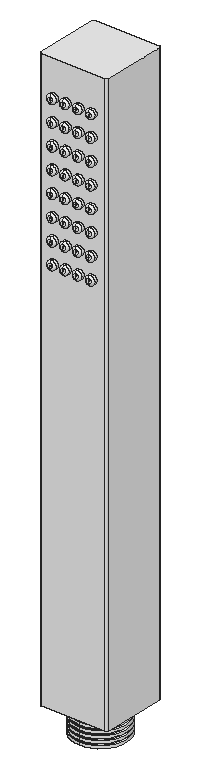
Revit family "Hand_Shower-Grohe-Euphoria_Cube+_26867_Series", category Plumbing Fixtures, Revit 2019
Family settings
  Round Connector Dimension = Use Diameter
  Part Type = Normal
  OmniClass Number = 23.45.05.14.17
  OmniClass Title = Showers
  Work Plane-Based = Yes
  Always vertical = No
  Cut with Voids When Loaded = No
  Shared = Yes
  Room Calculation Point = No
Parameters (values of type "26867000")
  Width = 15/16"
  WaterSense = yes
  Waste Connection = no
  WFU = 4
  Vent Connection = no
  URL = "https://www.grohe.us/"
  Type Comments = ""
  Tempered Water Connection Diameter = 1/2"
  Tempered Water Connection = yes
  Product Page URL = "https://www.grohe.us/Hand-Showers-Accessories/Euphoria-Cube-Plus-Stick-Hand-Shower-1-Spray-175-gpm/GROHE-CHROME-26867000"
  Product Documentation Link = "https://lixil.cdn.celum.cloud/161951_26867_0_EuphoriaCube_SpecSheet_06012023_original.pdf"
  Price = "Prices may vary. Please consult Manufacturer Representative for most up-to-date price list."  # constant formula
  Orifice Material = Rubber-Grohe-White
  Model = "26867000"
  Material = "Metal-Grohe-000-StarLight Chrome"
  Manufacturer = "Grohe"
  Length = 8 1/2"
  Keynote = ""
  IAPMO Compliance = "• Massachusetts Plumbing Board Approved  • CSA B125.1 • ASME A112.18.1"
  HWFU = 3
  HW Connection = no
  Flow Rate = "1.75 gpm (6.6 l/min)"
  Finish = Metal-Grohe-000-StarLight Chrome
  Description = "Euphoria Cube+ Stick Hand Shower- 1 Spray"  # constant formula
  Default Elevation = 0"
  Creation Date = "06/22/2023"  # constant formula
  CalGreen Compliant = yes
  CWFU = 3
  CW Connection = no
  CEC Compliant = yes
  Assembly Code = "D2010710"
Types (6): name | Product Page URL | Model | Material | Finish
  (no name) | "https://www.grohe.us/Hand-Showers-Accessories/Euphoria-Cube-Plus-Stick-Hand-Shower-1-Spray-175-gpm/GROHE-CHROME-26867000" | "26867000" | "Metal-Grohe-000-StarLight Chrome" | Metal-Grohe-000-StarLight Chrome
  26867000 | "https://www.grohe.us/Hand-Showers-Accessories/Euphoria-Cube-Plus-Stick-Hand-Shower-1-Spray-175-gpm/GROHE-CHROME-26867000" | "26867000" | "Metal-Grohe-000-StarLight Chrome" | Metal-Grohe-000-StarLight Chrome
  26867EN0 | "https://www.grohe.us/Hand-Showers-Accessories/Euphoria-Cube-Plus-Stick-Hand-Shower-1-Spray-175-gpm/GROHE-CHROME-26867EN0" | "26867EN0" | "Metal-Grohe-EN0-Brushed Nickel Infinity Finish" | Metal-Grohe-EN0-Brushed Nickel Infinity Finish
  26867GN0 | "https://www.grohe.us/Hand-Showers-Accessories/Euphoria-Cube-Plus-Stick-Hand-Shower-1-Spray-175-gpm/GROHE-CHROME-26867GN0" | "26867GN0" | "Metal-Grohe-GN0-Brushed Cool Sunrise" | Metal-Grohe-GN0-Brushed Cool Sunrise
  26867A00 | "https://www.grohe.us/Hand-Showers-Accessories/Euphoria-Cube-Plus-Stick-Hand-Shower-1-Spray-175-gpm/GROHE-CHROME-26867A00" | "26867A00" | "Metal-Grohe-A00-Hard Graphite" | Metal-Grohe-A00-Hard Graphite
  268672430 | "https://www.grohe.us/Hand-Showers-Accessories/Euphoria-Cube-Plus-Stick-Hand-Shower-1-Spray-175-gpm/GROHE-CHROME-268672430" | "268672430" | "Metal-Grohe-2430-Matte Black" | Metal-Grohe-2430-Matte Black
Reference planes (in)
  plane 1 "Center (Front/Back)": y = 0
  plane 2: z = 0
  plane 3 "Center (Left/Right)": x = 0
  plane 4: x = 0
  plane 5: y = 0
  plane 6: z = 8.5
  plane 7: z = 0.39371
  plane 8: x = -0.46875
  plane 9: x = 0.46875
  plane 10: x = -0.32677
  plane 11: x = -0.2089
  plane 12: x = -0.02953
  plane 13: x = -0.14763
  plane 14: x = 0.32677
  plane 15: x = 0.2089
  plane 16: x = 0.02953
  plane 17: x = 0.14763
Forms (in)
  Extrusion 1, solid, material "Metal-Grohe-000-StarLight Chrome" <- "Finish"
    sketch origin (0, 0, 0) x (1, 0, 0) y (0, 1, 0)
      loop
        line (0.4375, 0.47244) -> (-0.4375, 0.47244)
        arc (-0.4375, 0.47244) -> (-0.4596, 0.46329) -> (-0.46875, 0.44119) r 0.03125
        line (-0.46875, 0.44119) -> (-0.46875, -0.44118)
        arc (-0.46875, -0.44118) -> (-0.4596, -0.46328) -> (-0.4375, -0.47243) r 0.03125
        line (-0.4375, -0.47243) -> (0.4375, -0.47243)
        arc (0.4375, -0.47243) -> (0.4596, -0.46328) -> (0.46875, -0.44118) r 0.03125
        line (0.46875, -0.44118) -> (0.46875, 0.44119)
        arc (0.46875, 0.44119) -> (0.4596, 0.46329) -> (0.4375, 0.47244) r 0.03125
    from 0.39371 to 8.5
  Revolve 2, solid, material "Metal-Grohe-000-StarLight Chrome" <- "Finish"
    sketch origin (0, 0, 0) x (0, 1, 0) y (0, 0, 1)
      loop
        line (0, 0.39371) -> (0, 0) -> (0.2673, 0) -> (0.2997, 0.01871) -> (0.3622, 0.01871) -> (0.3622, 0.04996) -> (0.33095, 0.04996) -> (0.33095, 0.08121) -> (0.3622, 0.08121) -> (0.3622, 0.11246) -> (0.33095, 0.11246) -> (0.33095, 0.14371) -> (0.3622, 0.14371) -> (0.3622, 0.17496) -> (0.33095, 0.17496) -> (0.33095, 0.20621) -> (0.3622, 0.20621) -> (0.3622, 0.23746) -> (0.33095, 0.23746) -> (0.33095, 0.26871) -> (0.3622, 0.26871) -> (0.3622, 0.29996) -> (0.33095, 0.29996) -> (0.33095, 0.33121) -> (0.3622, 0.33121) -> (0.3622, 0.36246) -> (0.33095, 0.36246) -> (0.33095, 0.39371) -> (0, 0.39371)
      axis (0, 0) -> (0, 0.39371)
    angle from 0 to 360
  Revolve 3, solid, material "Rubber-Grohe-White" <- "Orifice Material"
    sketch origin (-0.26772, 0, 0) x (0, 1, 0) y (0, 0, 1)
      loop
        line (-0.47244, 7.95866) -> (-0.47244, 8.00989) -> (-0.5315, 8.00989) -> (-0.5315, 7.97864)
        arc (-0.5315, 7.97864) -> (-0.52564, 7.96451) -> (-0.51152, 7.95866) r 0.01998
        line (-0.51152, 7.95866) -> (-0.47244, 7.95866)
      axis (-0.47244, 8.01772) -> (-0.5315, 8.01772)
    angle from 0 to 360
  Revolve 4, solid, material "Rubber-Grohe-White" <- "Orifice Material"
    sketch origin (-0.08858, 0, 0) x (0, 1, 0) y (0, 0, 1)
      loop
        line (-0.47244, 7.95866) -> (-0.47244, 8.00989) -> (-0.5315, 8.00989) -> (-0.5315, 7.97864)
        arc (-0.5315, 7.97864) -> (-0.52564, 7.96451) -> (-0.51152, 7.95866) r 0.01998
        line (-0.51152, 7.95866) -> (-0.47244, 7.95866)
      axis (-0.47244, 8.01772) -> (-0.5315, 8.01772)
    angle from 0 to 360
  Revolve 5, solid, material "Rubber-Grohe-White" <- "Orifice Material"
    sketch origin (-0.26772, 0, -0.29528) x (0, 1, 0) y (0, 0, 1)
      loop
        line (-0.47244, 7.95866) -> (-0.47244, 8.00989) -> (-0.5315, 8.00989) -> (-0.5315, 7.97864)
        arc (-0.5315, 7.97864) -> (-0.52564, 7.96451) -> (-0.51152, 7.95866) r 0.01998
        line (-0.51152, 7.95866) -> (-0.47244, 7.95866)
      axis (-0.47244, 8.01772) -> (-0.5315, 8.01772)
    angle from 0 to 360
  Revolve 6, solid, material "Rubber-Grohe-White" <- "Orifice Material"
    sketch origin (-0.08858, 0, -0.29528) x (0, 1, 0) y (0, 0, 1)
      loop
        line (-0.47244, 7.95866) -> (-0.47244, 8.00989) -> (-0.5315, 8.00989) -> (-0.5315, 7.97864)
        arc (-0.5315, 7.97864) -> (-0.52564, 7.96451) -> (-0.51152, 7.95866) r 0.01998
        line (-0.51152, 7.95866) -> (-0.47244, 7.95866)
      axis (-0.47244, 8.01772) -> (-0.5315, 8.01772)
    angle from 0 to 360
  Revolve 7, solid, material "Rubber-Grohe-White" <- "Orifice Material"
    sketch origin (-0.26772, 0, -0.59055) x (0, 1, 0) y (0, 0, 1)
      loop
        line (-0.47244, 7.95866) -> (-0.47244, 8.00989) -> (-0.5315, 8.00989) -> (-0.5315, 7.97864)
        arc (-0.5315, 7.97864) -> (-0.52564, 7.96451) -> (-0.51152, 7.95866) r 0.01998
        line (-0.51152, 7.95866) -> (-0.47244, 7.95866)
      axis (-0.47244, 8.01772) -> (-0.5315, 8.01772)
    angle from 0 to 360
  Revolve 8, solid, material "Rubber-Grohe-White" <- "Orifice Material"
    sketch origin (-0.08858, 0, -0.59055) x (0, 1, 0) y (0, 0, 1)
      loop
        line (-0.47244, 7.95866) -> (-0.47244, 8.00989) -> (-0.5315, 8.00989) -> (-0.5315, 7.97864)
        arc (-0.5315, 7.97864) -> (-0.52564, 7.96451) -> (-0.51152, 7.95866) r 0.01998
        line (-0.51152, 7.95866) -> (-0.47244, 7.95866)
      axis (-0.47244, 8.01772) -> (-0.5315, 8.01772)
    angle from 0 to 360
  Revolve 9, solid, material "Rubber-Grohe-White" <- "Orifice Material"
    sketch origin (-0.26772, 0, -0.88583) x (0, 1, 0) y (0, 0, 1)
      loop
        line (-0.47244, 7.95866) -> (-0.47244, 8.00989) -> (-0.5315, 8.00989) -> (-0.5315, 7.97864)
        arc (-0.5315, 7.97864) -> (-0.52564, 7.96451) -> (-0.51152, 7.95866) r 0.01998
        line (-0.51152, 7.95866) -> (-0.47244, 7.95866)
      axis (-0.47244, 8.01772) -> (-0.5315, 8.01772)
    angle from 0 to 360
  Revolve 10, solid, material "Rubber-Grohe-White" <- "Orifice Material"
    sketch origin (-0.08858, 0, -0.88583) x (0, 1, 0) y (0, 0, 1)
      loop
        line (-0.47244, 7.95866) -> (-0.47244, 8.00989) -> (-0.5315, 8.00989) -> (-0.5315, 7.97864)
        arc (-0.5315, 7.97864) -> (-0.52564, 7.96451) -> (-0.51152, 7.95866) r 0.01998
        line (-0.51152, 7.95866) -> (-0.47244, 7.95866)
      axis (-0.47244, 8.01772) -> (-0.5315, 8.01772)
    angle from 0 to 360
  Revolve 11, solid, material "Rubber-Grohe-White" <- "Orifice Material"
    sketch origin (-0.26772, 0, -1.1811) x (0, 1, 0) y (0, 0, 1)
      loop
        line (-0.47244, 7.95866) -> (-0.47244, 8.00989) -> (-0.5315, 8.00989) -> (-0.5315, 7.97864)
        arc (-0.5315, 7.97864) -> (-0.52564, 7.96451) -> (-0.51152, 7.95866) r 0.01998
        line (-0.51152, 7.95866) -> (-0.47244, 7.95866)
      axis (-0.47244, 8.01772) -> (-0.5315, 8.01772)
    angle from 0 to 360
  Revolve 12, solid, material "Rubber-Grohe-White" <- "Orifice Material"
    sketch origin (-0.08858, 0, -1.1811) x (0, 1, 0) y (0, 0, 1)
      loop
        line (-0.47244, 7.95866) -> (-0.47244, 8.00989) -> (-0.5315, 8.00989) -> (-0.5315, 7.97864)
        arc (-0.5315, 7.97864) -> (-0.52564, 7.96451) -> (-0.51152, 7.95866) r 0.01998
        line (-0.51152, 7.95866) -> (-0.47244, 7.95866)
      axis (-0.47244, 8.01772) -> (-0.5315, 8.01772)
    angle from 0 to 360
  Revolve 13, solid, material "Rubber-Grohe-White" <- "Orifice Material"
    sketch origin (-0.26772, 0, -1.47638) x (0, 1, 0) y (0, 0, 1)
      loop
        line (-0.47244, 7.95866) -> (-0.47244, 8.00989) -> (-0.5315, 8.00989) -> (-0.5315, 7.97864)
        arc (-0.5315, 7.97864) -> (-0.52564, 7.96451) -> (-0.51152, 7.95866) r 0.01998
        line (-0.51152, 7.95866) -> (-0.47244, 7.95866)
      axis (-0.47244, 8.01772) -> (-0.5315, 8.01772)
    angle from 0 to 360
  Revolve 14, solid, material "Rubber-Grohe-White" <- "Orifice Material"
    sketch origin (-0.08858, 0, -1.47638) x (0, 1, 0) y (0, 0, 1)
      loop
        line (-0.47244, 7.95866) -> (-0.47244, 8.00989) -> (-0.5315, 8.00989) -> (-0.5315, 7.97864)
        arc (-0.5315, 7.97864) -> (-0.52564, 7.96451) -> (-0.51152, 7.95866) r 0.01998
        line (-0.51152, 7.95866) -> (-0.47244, 7.95866)
      axis (-0.47244, 8.01772) -> (-0.5315, 8.01772)
    angle from 0 to 360
  Revolve 15, solid, material "Rubber-Grohe-White" <- "Orifice Material"
    sketch origin (-0.26772, 0, -1.77166) x (0, 1, 0) y (0, 0, 1)
      loop
        line (-0.47244, 7.95866) -> (-0.47244, 8.00989) -> (-0.5315, 8.00989) -> (-0.5315, 7.97864)
        arc (-0.5315, 7.97864) -> (-0.52564, 7.96451) -> (-0.51152, 7.95866) r 0.01998
        line (-0.51152, 7.95866) -> (-0.47244, 7.95866)
      axis (-0.47244, 8.01772) -> (-0.5315, 8.01772)
    angle from 0 to 360
  Revolve 16, solid, material "Rubber-Grohe-White" <- "Orifice Material"
    sketch origin (-0.08858, 0, -1.77166) x (0, 1, 0) y (0, 0, 1)
      loop
        line (-0.47244, 7.95866) -> (-0.47244, 8.00989) -> (-0.5315, 8.00989) -> (-0.5315, 7.97864)
        arc (-0.5315, 7.97864) -> (-0.52564, 7.96451) -> (-0.51152, 7.95866) r 0.01998
        line (-0.51152, 7.95866) -> (-0.47244, 7.95866)
      axis (-0.47244, 8.01772) -> (-0.5315, 8.01772)
    angle from 0 to 360
  Revolve 17, solid, material "Rubber-Grohe-White" <- "Orifice Material"
    sketch origin (-0.26772, 0, -2.06693) x (0, 1, 0) y (0, 0, 1)
      loop
        line (-0.47244, 7.95866) -> (-0.47244, 8.00989) -> (-0.5315, 8.00989) -> (-0.5315, 7.97864)
        arc (-0.5315, 7.97864) -> (-0.52564, 7.96451) -> (-0.51152, 7.95866) r 0.01998
        line (-0.51152, 7.95866) -> (-0.47244, 7.95866)
      axis (-0.47244, 8.01772) -> (-0.5315, 8.01772)
    angle from 0 to 360
  Revolve 18, solid, material "Rubber-Grohe-White" <- "Orifice Material"
    sketch origin (-0.08858, 0, -2.06693) x (0, 1, 0) y (0, 0, 1)
      loop
        line (-0.47244, 7.95866) -> (-0.47244, 8.00989) -> (-0.5315, 8.00989) -> (-0.5315, 7.97864)
        arc (-0.5315, 7.97864) -> (-0.52564, 7.96451) -> (-0.51152, 7.95866) r 0.01998
        line (-0.51152, 7.95866) -> (-0.47244, 7.95866)
      axis (-0.47244, 8.01772) -> (-0.5315, 8.01772)
    angle from 0 to 360
  Revolve 19, solid, material "Rubber-Grohe-White" <- "Orifice Material"
    sketch origin (0.26772, 0, 0) x (0, -1, 0) y (0, 0, 1)
      loop
        line (0.47244, 7.95866) -> (0.51152, 7.95866)
        arc (0.51152, 7.95866) -> (0.52564, 7.96451) -> (0.5315, 7.97864) r 0.01998
        line (0.5315, 7.97864) -> (0.5315, 8.00989) -> (0.47244, 8.00989) -> (0.47244, 7.95866)
      axis (0.47244, 8.01772) -> (0.5315, 8.01772)
    angle from 0 to 360
  Revolve 20, solid, material "Rubber-Grohe-White" <- "Orifice Material"
    sketch origin (0.08858, 0, 0) x (0, -1, 0) y (0, 0, 1)
      loop
        line (0.47244, 7.95866) -> (0.51152, 7.95866)
        arc (0.51152, 7.95866) -> (0.52564, 7.96451) -> (0.5315, 7.97864) r 0.01998
        line (0.5315, 7.97864) -> (0.5315, 8.00989) -> (0.47244, 8.00989) -> (0.47244, 7.95866)
      axis (0.47244, 8.01772) -> (0.5315, 8.01772)
    angle from 0 to 360
  Revolve 21, solid, material "Rubber-Grohe-White" <- "Orifice Material"
    sketch origin (0.26772, 0, -0.29528) x (0, -1, 0) y (0, 0, 1)
      loop
        line (0.47244, 7.95866) -> (0.51152, 7.95866)
        arc (0.51152, 7.95866) -> (0.52564, 7.96451) -> (0.5315, 7.97864) r 0.01998
        line (0.5315, 7.97864) -> (0.5315, 8.00989) -> (0.47244, 8.00989) -> (0.47244, 7.95866)
      axis (0.47244, 8.01772) -> (0.5315, 8.01772)
    angle from 0 to 360
  Revolve 22, solid, material "Rubber-Grohe-White" <- "Orifice Material"
    sketch origin (0.08858, 0, -0.29528) x (0, -1, 0) y (0, 0, 1)
      loop
        line (0.47244, 7.95866) -> (0.51152, 7.95866)
        arc (0.51152, 7.95866) -> (0.52564, 7.96451) -> (0.5315, 7.97864) r 0.01998
        line (0.5315, 7.97864) -> (0.5315, 8.00989) -> (0.47244, 8.00989) -> (0.47244, 7.95866)
      axis (0.47244, 8.01772) -> (0.5315, 8.01772)
    angle from 0 to 360
  Revolve 23, solid, material "Rubber-Grohe-White" <- "Orifice Material"
    sketch origin (0.26772, 0, -0.59055) x (0, -1, 0) y (0, 0, 1)
      loop
        line (0.47244, 7.95866) -> (0.51152, 7.95866)
        arc (0.51152, 7.95866) -> (0.52564, 7.96451) -> (0.5315, 7.97864) r 0.01998
        line (0.5315, 7.97864) -> (0.5315, 8.00989) -> (0.47244, 8.00989) -> (0.47244, 7.95866)
      axis (0.47244, 8.01772) -> (0.5315, 8.01772)
    angle from 0 to 360
  Revolve 24, solid, material "Rubber-Grohe-White" <- "Orifice Material"
    sketch origin (0.08858, 0, -0.59055) x (0, -1, 0) y (0, 0, 1)
      loop
        line (0.47244, 7.95866) -> (0.51152, 7.95866)
        arc (0.51152, 7.95866) -> (0.52564, 7.96451) -> (0.5315, 7.97864) r 0.01998
        line (0.5315, 7.97864) -> (0.5315, 8.00989) -> (0.47244, 8.00989) -> (0.47244, 7.95866)
      axis (0.47244, 8.01772) -> (0.5315, 8.01772)
    angle from 0 to 360
  Revolve 25, solid, material "Rubber-Grohe-White" <- "Orifice Material"
    sketch origin (0.26772, 0, -0.88583) x (0, -1, 0) y (0, 0, 1)
      loop
        line (0.47244, 7.95866) -> (0.51152, 7.95866)
        arc (0.51152, 7.95866) -> (0.52564, 7.96451) -> (0.5315, 7.97864) r 0.01998
        line (0.5315, 7.97864) -> (0.5315, 8.00989) -> (0.47244, 8.00989) -> (0.47244, 7.95866)
      axis (0.47244, 8.01772) -> (0.5315, 8.01772)
    angle from 0 to 360
  Revolve 26, solid, material "Rubber-Grohe-White" <- "Orifice Material"
    sketch origin (0.08858, 0, -0.88583) x (0, -1, 0) y (0, 0, 1)
      loop
        line (0.47244, 7.95866) -> (0.51152, 7.95866)
        arc (0.51152, 7.95866) -> (0.52564, 7.96451) -> (0.5315, 7.97864) r 0.01998
        line (0.5315, 7.97864) -> (0.5315, 8.00989) -> (0.47244, 8.00989) -> (0.47244, 7.95866)
      axis (0.47244, 8.01772) -> (0.5315, 8.01772)
    angle from 0 to 360
  Revolve 27, solid, material "Rubber-Grohe-White" <- "Orifice Material"
    sketch origin (0.26772, 0, -1.1811) x (0, -1, 0) y (0, 0, 1)
      loop
        line (0.47244, 7.95866) -> (0.51152, 7.95866)
        arc (0.51152, 7.95866) -> (0.52564, 7.96451) -> (0.5315, 7.97864) r 0.01998
        line (0.5315, 7.97864) -> (0.5315, 8.00989) -> (0.47244, 8.00989) -> (0.47244, 7.95866)
      axis (0.47244, 8.01772) -> (0.5315, 8.01772)
    angle from 0 to 360
  Revolve 28, solid, material "Rubber-Grohe-White" <- "Orifice Material"
    sketch origin (0.08858, 0, -1.1811) x (0, -1, 0) y (0, 0, 1)
      loop
        line (0.47244, 7.95866) -> (0.51152, 7.95866)
        arc (0.51152, 7.95866) -> (0.52564, 7.96451) -> (0.5315, 7.97864) r 0.01998
        line (0.5315, 7.97864) -> (0.5315, 8.00989) -> (0.47244, 8.00989) -> (0.47244, 7.95866)
      axis (0.47244, 8.01772) -> (0.5315, 8.01772)
    angle from 0 to 360
  Revolve 29, solid, material "Rubber-Grohe-White" <- "Orifice Material"
    sketch origin (0.26772, 0, -1.47638) x (0, -1, 0) y (0, 0, 1)
      loop
        line (0.47244, 7.95866) -> (0.51152, 7.95866)
        arc (0.51152, 7.95866) -> (0.52564, 7.96451) -> (0.5315, 7.97864) r 0.01998
        line (0.5315, 7.97864) -> (0.5315, 8.00989) -> (0.47244, 8.00989) -> (0.47244, 7.95866)
      axis (0.47244, 8.01772) -> (0.5315, 8.01772)
    angle from 0 to 360
  Revolve 30, solid, material "Rubber-Grohe-White" <- "Orifice Material"
    sketch origin (0.08858, 0, -1.47638) x (0, -1, 0) y (0, 0, 1)
      loop
        line (0.47244, 7.95866) -> (0.51152, 7.95866)
        arc (0.51152, 7.95866) -> (0.52564, 7.96451) -> (0.5315, 7.97864) r 0.01998
        line (0.5315, 7.97864) -> (0.5315, 8.00989) -> (0.47244, 8.00989) -> (0.47244, 7.95866)
      axis (0.47244, 8.01772) -> (0.5315, 8.01772)
    angle from 0 to 360
  Revolve 31, solid, material "Rubber-Grohe-White" <- "Orifice Material"
    sketch origin (0.26772, 0, -1.77166) x (0, -1, 0) y (0, 0, 1)
      loop
        line (0.47244, 7.95866) -> (0.51152, 7.95866)
        arc (0.51152, 7.95866) -> (0.52564, 7.96451) -> (0.5315, 7.97864) r 0.01998
        line (0.5315, 7.97864) -> (0.5315, 8.00989) -> (0.47244, 8.00989) -> (0.47244, 7.95866)
      axis (0.47244, 8.01772) -> (0.5315, 8.01772)
    angle from 0 to 360
  Revolve 32, solid, material "Rubber-Grohe-White" <- "Orifice Material"
    sketch origin (0.08858, 0, -1.77166) x (0, -1, 0) y (0, 0, 1)
      loop
        line (0.47244, 7.95866) -> (0.51152, 7.95866)
        arc (0.51152, 7.95866) -> (0.52564, 7.96451) -> (0.5315, 7.97864) r 0.01998
        line (0.5315, 7.97864) -> (0.5315, 8.00989) -> (0.47244, 8.00989) -> (0.47244, 7.95866)
      axis (0.47244, 8.01772) -> (0.5315, 8.01772)
    angle from 0 to 360
  Revolve 33, solid, material "Rubber-Grohe-White" <- "Orifice Material"
    sketch origin (0.26772, 0, -2.06693) x (0, -1, 0) y (0, 0, 1)
      loop
        line (0.47244, 7.95866) -> (0.51152, 7.95866)
        arc (0.51152, 7.95866) -> (0.52564, 7.96451) -> (0.5315, 7.97864) r 0.01998
        line (0.5315, 7.97864) -> (0.5315, 8.00989) -> (0.47244, 8.00989) -> (0.47244, 7.95866)
      axis (0.47244, 8.01772) -> (0.5315, 8.01772)
    angle from 0 to 360
  Revolve 34, solid, material "Rubber-Grohe-White" <- "Orifice Material"
    sketch origin (0.08858, 0, -2.06693) x (0, -1, 0) y (0, 0, 1)
      loop
        line (0.47244, 7.95866) -> (0.51152, 7.95866)
        arc (0.51152, 7.95866) -> (0.52564, 7.96451) -> (0.5315, 7.97864) r 0.01998
        line (0.5315, 7.97864) -> (0.5315, 8.00989) -> (0.47244, 8.00989) -> (0.47244, 7.95866)
      axis (0.47244, 8.01772) -> (0.5315, 8.01772)
    angle from 0 to 360
Lines and regions (in)
  Masking region 1
    outline origin (0, 0, 0) x (1, 0, 0) y (0, 1, 0)
      loop
        line (-0.46875, 0.44119) -> (-0.46875, -0.44118)
        arc (-0.46875, -0.44118) -> (-0.4596, -0.46328) -> (-0.4375, -0.47243) r 0.03125
        line (-0.4375, -0.47243) -> (-0.32677, -0.47243) -> (-0.32677, -0.51187)
        arc (-0.32677, -0.51187) -> (-0.32102, -0.52575) -> (-0.30715, -0.5315) r 0.01962
        line (-0.30715, -0.5315) -> (-0.22852, -0.5315)
        arc (-0.22852, -0.5315) -> (-0.21465, -0.52575) -> (-0.2089, -0.51187) r 0.01962
        line (-0.2089, -0.51187) -> (-0.2089, -0.47243) -> (-0.14763, -0.47243) -> (-0.14763, -0.51187)
        arc (-0.14763, -0.51187) -> (-0.14189, -0.52575) -> (-0.12801, -0.5315) r 0.01962
        line (-0.12801, -0.5315) -> (-0.04939, -0.5315)
        arc (-0.04939, -0.5315) -> (-0.03551, -0.52575) -> (-0.02976, -0.51187) r 0.01962
        line (-0.02976, -0.51187) -> (-0.02953, -0.47243) -> (0.02953, -0.47243) -> (0.02953, -0.51187)
        arc (0.02953, -0.51187) -> (0.03551, -0.52575) -> (0.04939, -0.5315) r 0.01962
        line (0.04939, -0.5315) -> (0.12801, -0.5315)
        arc (0.12801, -0.5315) -> (0.14189, -0.52575) -> (0.14763, -0.51187) r 0.01962
        line (0.14763, -0.51187) -> (0.14763, -0.47243) -> (0.2089, -0.47243) -> (0.2089, -0.51187)
        arc (0.2089, -0.51187) -> (0.21465, -0.52575) -> (0.22852, -0.5315) r 0.01962
        line (0.22852, -0.5315) -> (0.30715, -0.5315)
        arc (0.30715, -0.5315) -> (0.32102, -0.52575) -> (0.32677, -0.51187) r 0.01962
        line (0.32677, -0.51187) -> (0.32677, -0.47243) -> (0.4375, -0.47243)
        arc (0.4375, -0.47243) -> (0.4596, -0.46328) -> (0.46875, -0.44118) r 0.03125
        line (0.46875, -0.44118) -> (0.46875, 0.44119)
        arc (0.46875, 0.44119) -> (0.4596, 0.46329) -> (0.4375, 0.47244) r 0.03125
        line (0.4375, 0.47244) -> (-0.4375, 0.47244)
        arc (-0.4375, 0.47244) -> (-0.4596, 0.46329) -> (-0.46875, 0.44119) r 0.03125
  symbolic lines, detail levels medium+fine
    curve 1: line (-0.32677, -0.47244, 0) -> (0.35615, -0.47244, 0)
Dimensions and locks (in)
  "Length": plane 6 to level
  locked: plane 7 to level at 0.39371
  Revolve 2 sketch curve to Revolve 2 sketch curve to Revolve 2 sketch curve to Revolve 2 sketch curve to Revolve 2 sketch curve to Revolve 2 sketch curve to Revolve 2 sketch curve to Revolve 2 sketch curve to Revolve 2 sketch curve to Revolve 2 sketch curve to Revolve 2 sketch curve to Revolve 2 sketch curve to Revolve 2 sketch curve to Revolve 2 sketch curve = 0.01871" locked, 1/32" locked, 1/32" locked, 1/32" locked, 1/32" locked, 1/32" locked, 1/32" locked, 1/32" locked, 1/32" locked, 1/32" locked, 1/32" locked, 1/32" locked, 1/32" locked
  "Width": plane 8 to plane 9
  equal spacing: plane 8, plane 3 "Center (Left/Right)", plane 9, locked at 0.46875 each
  aligned and locked: plane 3 "Center (Left/Right)" to plane 4
  aligned and locked: plane 5 to plane 1 "Center (Front/Back)"
  aligned and locked: Extrusion 1 to plane 7
  aligned and locked: plane 1 "Center (Front/Back)" to Revolve 2 sketch curve  (x2)
  aligned and locked: level to Revolve 2 sketch curve
  aligned and locked: plane 6 to Extrusion 1
  aligned and locked: plane 8 to Extrusion 1 sketch curve
  aligned and locked: plane 9 to Extrusion 1 sketch curve
  aligned and locked: Masking region 1 sketch curve to Extrusion 1  (x4)
  aligned and locked: Masking region 1 sketch curve to plane 10
  aligned and locked: Masking region 1 sketch curve to plane 11
  aligned and locked: Masking region 1 sketch curve to plane 13
  aligned and locked: Masking region 1 sketch curve to plane 12
  aligned and locked: plane 16 to Masking region 1 sketch curve
  aligned and locked: plane 17 to Masking region 1 sketch curve
  aligned and locked: plane 15 to Masking region 1 sketch curve
  aligned and locked: Masking region 1 sketch curve to plane 14
Automatic sketch dimensions
  Extrusion 1 sketch curve to Extrusion 1 sketch curve = 1/32"  (x3)
  plane 9 to Extrusion 1 sketch curve = 1/32"
  plane 1 "Center (Front/Back)" to Extrusion 1 sketch curve = 0.47243"
  Extrusion 1 sketch curve to plane 1 "Center (Front/Back)" = 0.44119"
  curve 1 to plane 10 = 0"
  curve 1 to plane 14 = 0.02938"
  plane 1 "Center (Front/Back)" to curve 1 = 0.47244"
  Revolve 2 sketch curve to plane 7 = 0"
  Revolve 2 sketch curve to Revolve 2 sketch curve = 0.2673"
  Revolve 2 sketch curve to Revolve 2 sketch curve = 0.0324"
  Revolve 2 sketch curve to plane 1 "Center (Front/Back)" = 0.33095"
  Revolve 2 sketch curve to Revolve 2 sketch curve = 0"  (x5)
  Revolve 2 sketch curve to Revolve 2 sketch curve = 1/32"  (x6)
  plane 7 to Revolve 2 sketch curve = 0.16039"
  plane 1 "Center (Front/Back)" to Revolve 3 sketch curve = 0.5315"
  Revolve 3 sketch curve to Revolve 3 sketch curve = 0.01998"
  Revolve 3 sketch curve to Revolve 3 sketch curve = 5/128"
  Revolve 3 sketch curve to plane 6 = 0.54134"
  Revolve 3 sketch curve to Revolve 3 sketch curve = 1/32"
  Revolve 3 sketch curve to Revolve 3 sketch curve = 0"
  Revolve 3 sketch curve to Revolve 3 sketch curve = 0.05423"
  Revolve 3 sketch curve to Revolve 3 sketch curve = 1/128"
  plane 1 "Center (Front/Back)" to Revolve 4 sketch curve = 0.5315"
  Revolve 4 sketch curve to Revolve 4 sketch curve = 0.01998"
  Revolve 4 sketch curve to Revolve 4 sketch curve = 5/128"
  Revolve 4 sketch curve to plane 6 = 0.54134"
  Revolve 4 sketch curve to Revolve 4 sketch curve = 1/32"
  Revolve 4 sketch curve to Revolve 4 sketch curve = 0"
  Revolve 4 sketch curve to Revolve 4 sketch curve = 0.05423"
  Revolve 4 sketch curve to Revolve 4 sketch curve = 1/128"
  plane 1 "Center (Front/Back)" to Revolve 5 sketch curve = 0.5315"
  Revolve 5 sketch curve to Revolve 5 sketch curve = 0.01998"
  Revolve 5 sketch curve to Revolve 5 sketch curve = 5/128"
  Revolve 5 sketch curve to plane 6 = 0.83661"
  Revolve 5 sketch curve to Revolve 5 sketch curve = 1/32"
  Revolve 5 sketch curve to Revolve 5 sketch curve = 0"
  Revolve 5 sketch curve to Revolve 5 sketch curve = 0.05423"
  Revolve 5 sketch curve to Revolve 5 sketch curve = 1/128"
  plane 1 "Center (Front/Back)" to Revolve 6 sketch curve = 0.5315"
  Revolve 6 sketch curve to Revolve 6 sketch curve = 0.01998"
  Revolve 6 sketch curve to Revolve 6 sketch curve = 5/128"
  Revolve 6 sketch curve to plane 6 = 0.83661"
  Revolve 6 sketch curve to Revolve 6 sketch curve = 1/32"
  Revolve 6 sketch curve to Revolve 6 sketch curve = 0"
  Revolve 6 sketch curve to Revolve 6 sketch curve = 0.05423"
  Revolve 6 sketch curve to Revolve 6 sketch curve = 1/128"
  plane 1 "Center (Front/Back)" to Revolve 7 sketch curve = 0.5315"
  Revolve 7 sketch curve to Revolve 7 sketch curve = 0.01998"
  Revolve 7 sketch curve to Revolve 7 sketch curve = 5/128"
  Revolve 7 sketch curve to plane 6 = 1.13189"
  Revolve 7 sketch curve to Revolve 7 sketch curve = 1/32"
  Revolve 7 sketch curve to Revolve 7 sketch curve = 0"
  Revolve 7 sketch curve to Revolve 7 sketch curve = 0.05423"
  Revolve 7 sketch curve to Revolve 7 sketch curve = 1/128"
  plane 1 "Center (Front/Back)" to Revolve 8 sketch curve = 0.5315"
  Revolve 8 sketch curve to Revolve 8 sketch curve = 0.01998"
  Revolve 8 sketch curve to Revolve 8 sketch curve = 5/128"
  Revolve 8 sketch curve to plane 6 = 1.13189"
  Revolve 8 sketch curve to Revolve 8 sketch curve = 1/32"
  Revolve 8 sketch curve to Revolve 8 sketch curve = 0"
  Revolve 8 sketch curve to Revolve 8 sketch curve = 0.05423"
  Revolve 8 sketch curve to Revolve 8 sketch curve = 1/128"
  plane 1 "Center (Front/Back)" to Revolve 9 sketch curve = 0.5315"
  Revolve 9 sketch curve to Revolve 9 sketch curve = 0.01998"
  Revolve 9 sketch curve to Revolve 9 sketch curve = 5/128"
  Revolve 9 sketch curve to plane 6 = 1.42717"
  Revolve 9 sketch curve to Revolve 9 sketch curve = 1/32"
  Revolve 9 sketch curve to Revolve 9 sketch curve = 0"
  Revolve 9 sketch curve to Revolve 9 sketch curve = 0.05423"
  Revolve 9 sketch curve to Revolve 9 sketch curve = 1/128"
  plane 1 "Center (Front/Back)" to Revolve 10 sketch curve = 0.5315"
  Revolve 10 sketch curve to Revolve 10 sketch curve = 0.01998"
  Revolve 10 sketch curve to Revolve 10 sketch curve = 5/128"
  Revolve 10 sketch curve to plane 6 = 1.42717"
  Revolve 10 sketch curve to Revolve 10 sketch curve = 1/32"
  Revolve 10 sketch curve to Revolve 10 sketch curve = 0"
  Revolve 10 sketch curve to Revolve 10 sketch curve = 0.05423"
  Revolve 10 sketch curve to Revolve 10 sketch curve = 1/128"
  plane 1 "Center (Front/Back)" to Revolve 11 sketch curve = 0.5315"
  Revolve 11 sketch curve to Revolve 11 sketch curve = 0.01998"
  Revolve 11 sketch curve to Revolve 11 sketch curve = 5/128"
  Revolve 11 sketch curve to plane 6 = 1.72244"
  Revolve 11 sketch curve to Revolve 11 sketch curve = 1/32"
  Revolve 11 sketch curve to Revolve 11 sketch curve = 0"
  Revolve 11 sketch curve to Revolve 11 sketch curve = 0.05423"
  Revolve 11 sketch curve to Revolve 11 sketch curve = 1/128"
  plane 1 "Center (Front/Back)" to Revolve 12 sketch curve = 0.5315"
  Revolve 12 sketch curve to Revolve 12 sketch curve = 0.01998"
  Revolve 12 sketch curve to Revolve 12 sketch curve = 5/128"
  Revolve 12 sketch curve to plane 6 = 1.72244"
  Revolve 12 sketch curve to Revolve 12 sketch curve = 1/32"
  Revolve 12 sketch curve to Revolve 12 sketch curve = 0"
  Revolve 12 sketch curve to Revolve 12 sketch curve = 0.05423"
  Revolve 12 sketch curve to Revolve 12 sketch curve = 1/128"
  plane 1 "Center (Front/Back)" to Revolve 13 sketch curve = 0.5315"
  Revolve 13 sketch curve to Revolve 13 sketch curve = 0.01998"
  Revolve 13 sketch curve to Revolve 13 sketch curve = 5/128"
  Revolve 13 sketch curve to plane 6 = 2.01772"
  Revolve 13 sketch curve to Revolve 13 sketch curve = 1/32"
  Revolve 13 sketch curve to Revolve 13 sketch curve = 0"
  Revolve 13 sketch curve to Revolve 13 sketch curve = 0.05423"
  Revolve 13 sketch curve to Revolve 13 sketch curve = 1/128"
  plane 1 "Center (Front/Back)" to Revolve 14 sketch curve = 0.5315"
  Revolve 14 sketch curve to Revolve 14 sketch curve = 0.01998"
  Revolve 14 sketch curve to Revolve 14 sketch curve = 5/128"
  Revolve 14 sketch curve to plane 6 = 2.01772"
  Revolve 14 sketch curve to Revolve 14 sketch curve = 1/32"
  Revolve 14 sketch curve to Revolve 14 sketch curve = 0"
  Revolve 14 sketch curve to Revolve 14 sketch curve = 0.05423"
  Revolve 14 sketch curve to Revolve 14 sketch curve = 1/128"
  plane 1 "Center (Front/Back)" to Revolve 15 sketch curve = 0.5315"
  Revolve 15 sketch curve to Revolve 15 sketch curve = 0.01998"
  Revolve 15 sketch curve to Revolve 15 sketch curve = 5/128"
  Revolve 15 sketch curve to plane 6 = 2.31299"
  Revolve 15 sketch curve to Revolve 15 sketch curve = 1/32"
  Revolve 15 sketch curve to Revolve 15 sketch curve = 0"
  Revolve 15 sketch curve to Revolve 15 sketch curve = 0.05423"
  Revolve 15 sketch curve to Revolve 15 sketch curve = 1/128"
  plane 1 "Center (Front/Back)" to Revolve 16 sketch curve = 0.5315"
  Revolve 16 sketch curve to Revolve 16 sketch curve = 0.01998"
  Revolve 16 sketch curve to Revolve 16 sketch curve = 5/128"
  Revolve 16 sketch curve to plane 6 = 2.31299"
  Revolve 16 sketch curve to Revolve 16 sketch curve = 1/32"
  Revolve 16 sketch curve to Revolve 16 sketch curve = 0"
  Revolve 16 sketch curve to Revolve 16 sketch curve = 0.05423"
  Revolve 16 sketch curve to Revolve 16 sketch curve = 1/128"
  plane 1 "Center (Front/Back)" to Revolve 17 sketch curve = 0.5315"
  Revolve 17 sketch curve to Revolve 17 sketch curve = 0.01998"
  Revolve 17 sketch curve to Revolve 17 sketch curve = 5/128"
  Revolve 17 sketch curve to plane 6 = 2.60827"
  Revolve 17 sketch curve to Revolve 17 sketch curve = 1/32"
  Revolve 17 sketch curve to Revolve 17 sketch curve = 0"
  Revolve 17 sketch curve to Revolve 17 sketch curve = 0.05423"
  Revolve 17 sketch curve to Revolve 17 sketch curve = 1/128"
  plane 1 "Center (Front/Back)" to Revolve 18 sketch curve = 0.5315"
  Revolve 18 sketch curve to Revolve 18 sketch curve = 0.01998"
  Revolve 18 sketch curve to Revolve 18 sketch curve = 5/128"
  Revolve 18 sketch curve to plane 6 = 2.60827"
  Revolve 18 sketch curve to Revolve 18 sketch curve = 1/32"
  Revolve 18 sketch curve to Revolve 18 sketch curve = 0"
  Revolve 18 sketch curve to Revolve 18 sketch curve = 0.05423"
  Revolve 18 sketch curve to Revolve 18 sketch curve = 1/128"
  plane 1 "Center (Front/Back)" to Revolve 19 sketch curve = 0.47244"
  Revolve 19 sketch curve to Revolve 19 sketch curve = 5/128"
  Revolve 19 sketch curve to Revolve 19 sketch curve = 0.01998"
  Revolve 19 sketch curve to plane 6 = 0.54134"
  Revolve 19 sketch curve to Revolve 19 sketch curve = 1/32"
  Revolve 19 sketch curve to Revolve 19 sketch curve = 0"
  Revolve 19 sketch curve to Revolve 19 sketch curve = 0.05423"
  Revolve 19 sketch curve to Revolve 19 sketch curve = 1/128"
  plane 1 "Center (Front/Back)" to Revolve 20 sketch curve = 0.47244"
  Revolve 20 sketch curve to Revolve 20 sketch curve = 5/128"
  Revolve 20 sketch curve to Revolve 20 sketch curve = 0.01998"
  Revolve 20 sketch curve to plane 6 = 0.54134"
  Revolve 20 sketch curve to Revolve 20 sketch curve = 1/32"
  Revolve 20 sketch curve to Revolve 20 sketch curve = 0"
  Revolve 20 sketch curve to Revolve 20 sketch curve = 0.05423"
  Revolve 20 sketch curve to Revolve 20 sketch curve = 1/128"
  plane 1 "Center (Front/Back)" to Revolve 21 sketch curve = 0.47244"
  Revolve 21 sketch curve to Revolve 21 sketch curve = 5/128"
  Revolve 21 sketch curve to Revolve 21 sketch curve = 0.01998"
  Revolve 21 sketch curve to plane 6 = 0.83661"
  Revolve 21 sketch curve to Revolve 21 sketch curve = 1/32"
  Revolve 21 sketch curve to Revolve 21 sketch curve = 0"
  Revolve 21 sketch curve to Revolve 21 sketch curve = 0.05423"
  Revolve 21 sketch curve to Revolve 21 sketch curve = 1/128"
  plane 1 "Center (Front/Back)" to Revolve 22 sketch curve = 0.47244"
  Revolve 22 sketch curve to Revolve 22 sketch curve = 5/128"
  Revolve 22 sketch curve to Revolve 22 sketch curve = 0.01998"
  Revolve 22 sketch curve to plane 6 = 0.83661"
  Revolve 22 sketch curve to Revolve 22 sketch curve = 1/32"
  Revolve 22 sketch curve to Revolve 22 sketch curve = 0"
  Revolve 22 sketch curve to Revolve 22 sketch curve = 0.05423"
  Revolve 22 sketch curve to Revolve 22 sketch curve = 1/128"
  plane 1 "Center (Front/Back)" to Revolve 23 sketch curve = 0.47244"
  Revolve 23 sketch curve to Revolve 23 sketch curve = 5/128"
  Revolve 23 sketch curve to Revolve 23 sketch curve = 0.01998"
  Revolve 23 sketch curve to plane 6 = 1.13189"
  Revolve 23 sketch curve to Revolve 23 sketch curve = 1/32"
  Revolve 23 sketch curve to Revolve 23 sketch curve = 0"
  Revolve 23 sketch curve to Revolve 23 sketch curve = 0.05423"
  Revolve 23 sketch curve to Revolve 23 sketch curve = 1/128"
  plane 1 "Center (Front/Back)" to Revolve 24 sketch curve = 0.47244"
  Revolve 24 sketch curve to Revolve 24 sketch curve = 5/128"
  Revolve 24 sketch curve to Revolve 24 sketch curve = 0.01998"
  Revolve 24 sketch curve to plane 6 = 1.13189"
  Revolve 24 sketch curve to Revolve 24 sketch curve = 1/32"
  Revolve 24 sketch curve to Revolve 24 sketch curve = 0"
  Revolve 24 sketch curve to Revolve 24 sketch curve = 0.05423"
  Revolve 24 sketch curve to Revolve 24 sketch curve = 1/128"
  plane 1 "Center (Front/Back)" to Revolve 25 sketch curve = 0.47244"
  Revolve 25 sketch curve to Revolve 25 sketch curve = 5/128"
  Revolve 25 sketch curve to Revolve 25 sketch curve = 0.01998"
  Revolve 25 sketch curve to plane 6 = 1.42717"
  Revolve 25 sketch curve to Revolve 25 sketch curve = 1/32"
  Revolve 25 sketch curve to Revolve 25 sketch curve = 0"
  Revolve 25 sketch curve to Revolve 25 sketch curve = 0.05423"
  Revolve 25 sketch curve to Revolve 25 sketch curve = 1/128"
  plane 1 "Center (Front/Back)" to Revolve 26 sketch curve = 0.47244"
  Revolve 26 sketch curve to Revolve 26 sketch curve = 5/128"
  Revolve 26 sketch curve to Revolve 26 sketch curve = 0.01998"
  Revolve 26 sketch curve to plane 6 = 1.42717"
  Revolve 26 sketch curve to Revolve 26 sketch curve = 1/32"
  Revolve 26 sketch curve to Revolve 26 sketch curve = 0"
  Revolve 26 sketch curve to Revolve 26 sketch curve = 0.05423"
  Revolve 26 sketch curve to Revolve 26 sketch curve = 1/128"
  plane 1 "Center (Front/Back)" to Revolve 27 sketch curve = 0.47244"
  Revolve 27 sketch curve to Revolve 27 sketch curve = 5/128"
  Revolve 27 sketch curve to Revolve 27 sketch curve = 0.01998"
  Revolve 27 sketch curve to plane 6 = 1.72244"
  Revolve 27 sketch curve to Revolve 27 sketch curve = 1/32"
  Revolve 27 sketch curve to Revolve 27 sketch curve = 0"
  Revolve 27 sketch curve to Revolve 27 sketch curve = 0.05423"
  Revolve 27 sketch curve to Revolve 27 sketch curve = 1/128"
  plane 1 "Center (Front/Back)" to Revolve 28 sketch curve = 0.47244"
  Revolve 28 sketch curve to Revolve 28 sketch curve = 5/128"
  Revolve 28 sketch curve to Revolve 28 sketch curve = 0.01998"
  Revolve 28 sketch curve to plane 6 = 1.72244"
  Revolve 28 sketch curve to Revolve 28 sketch curve = 1/32"
  Revolve 28 sketch curve to Revolve 28 sketch curve = 0"
  Revolve 28 sketch curve to Revolve 28 sketch curve = 0.05423"
  Revolve 28 sketch curve to Revolve 28 sketch curve = 1/128"
  plane 1 "Center (Front/Back)" to Revolve 29 sketch curve = 0.47244"
  Revolve 29 sketch curve to Revolve 29 sketch curve = 5/128"
  Revolve 29 sketch curve to Revolve 29 sketch curve = 0.01998"
  Revolve 29 sketch curve to plane 6 = 2.01772"
  Revolve 29 sketch curve to Revolve 29 sketch curve = 1/32"
  Revolve 29 sketch curve to Revolve 29 sketch curve = 0"
  Revolve 29 sketch curve to Revolve 29 sketch curve = 0.05423"
  Revolve 29 sketch curve to Revolve 29 sketch curve = 1/128"
  plane 1 "Center (Front/Back)" to Revolve 30 sketch curve = 0.47244"
  Revolve 30 sketch curve to Revolve 30 sketch curve = 5/128"
  Revolve 30 sketch curve to Revolve 30 sketch curve = 0.01998"
  Revolve 30 sketch curve to plane 6 = 2.01772"
  Revolve 30 sketch curve to Revolve 30 sketch curve = 1/32"
  Revolve 30 sketch curve to Revolve 30 sketch curve = 0"
  Revolve 30 sketch curve to Revolve 30 sketch curve = 0.05423"
  Revolve 30 sketch curve to Revolve 30 sketch curve = 1/128"
  plane 1 "Center (Front/Back)" to Revolve 31 sketch curve = 0.47244"
  Revolve 31 sketch curve to Revolve 31 sketch curve = 5/128"
  Revolve 31 sketch curve to Revolve 31 sketch curve = 0.01998"
  Revolve 31 sketch curve to plane 6 = 2.31299"
  Revolve 31 sketch curve to Revolve 31 sketch curve = 1/32"
  Revolve 31 sketch curve to Revolve 31 sketch curve = 0"
  Revolve 31 sketch curve to Revolve 31 sketch curve = 0.05423"
  Revolve 31 sketch curve to Revolve 31 sketch curve = 1/128"
  plane 1 "Center (Front/Back)" to Revolve 32 sketch curve = 0.47244"
  Revolve 32 sketch curve to Revolve 32 sketch curve = 5/128"
  Revolve 32 sketch curve to Revolve 32 sketch curve = 0.01998"
  Revolve 32 sketch curve to plane 6 = 2.31299"
  Revolve 32 sketch curve to Revolve 32 sketch curve = 1/32"
  Revolve 32 sketch curve to Revolve 32 sketch curve = 0"
  Revolve 32 sketch curve to Revolve 32 sketch curve = 0.05423"
  Revolve 32 sketch curve to Revolve 32 sketch curve = 1/128"
  plane 1 "Center (Front/Back)" to Revolve 33 sketch curve = 0.47244"
  Revolve 33 sketch curve to Revolve 33 sketch curve = 5/128"
  Revolve 33 sketch curve to Revolve 33 sketch curve = 0.01998"
  Revolve 33 sketch curve to plane 6 = 2.60827"
  Revolve 33 sketch curve to Revolve 33 sketch curve = 1/32"
  Revolve 33 sketch curve to Revolve 33 sketch curve = 0"
  Revolve 33 sketch curve to Revolve 33 sketch curve = 0.05423"
  Revolve 33 sketch curve to Revolve 33 sketch curve = 1/128"
  plane 1 "Center (Front/Back)" to Revolve 34 sketch curve = 0.47244"
  Revolve 34 sketch curve to Revolve 34 sketch curve = 5/128"
  Revolve 34 sketch curve to Revolve 34 sketch curve = 0.01998"
  Revolve 34 sketch curve to plane 6 = 2.60827"
  Revolve 34 sketch curve to Revolve 34 sketch curve = 1/32"
  Revolve 34 sketch curve to Revolve 34 sketch curve = 0"
  Revolve 34 sketch curve to Revolve 34 sketch curve = 0.05423"
  Revolve 34 sketch curve to Revolve 34 sketch curve = 1/128"
  plane 10 to Masking region 1 sketch curve = 0.01962"
  plane 11 to Masking region 1 sketch curve = 0.01962"
  Masking region 1 sketch curve to Masking region 1 sketch curve = 0.01962"  (x5)
  plane 12 to Masking region 1 sketch curve = 0.01985"
  plane 16 to Masking region 1 sketch curve = 0.01985"
  plane 14 to Masking region 1 sketch curve = 0.01962"
  Masking region 1 sketch curve to Masking region 1 sketch curve = 0.03944"  (x6)
  Masking region 1 sketch curve to Masking region 1 sketch curve = 0"  (x3)
Connectors (in)
  piping at (0, 0, 0), diameter 0.5, driven by "Tempered Water Connection Diameter"
    settings: on Revolve 2, index 1, connector inside diameter 24", connector length 0", flow factor 0, pipe flow 0 GPM, pressure drop 0.00 psi, fitting loss kfactor 0, connector angle 0.00°, fixture units 0, engagement length 0", angle of deflection 0.00°, flow configuration 0, flow direction 1, fitting loss method 0, system type 29, joint type 0, gender type 0, connector reference index -1, connector utility 0, adjustable connector no, is connector primary yes, connector description "1/2\" Tempered Water Supply Inlet"
